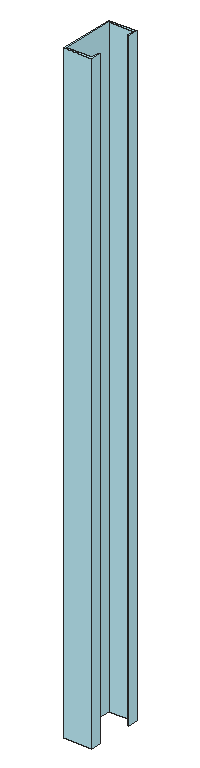
Revit family "lg90x45x15x2-3", category 機械設備, Revit 2022
Family settings
  丸型コネクタ寸法 = 直径を使用
  種別 = なし
  パーツ タイプ = 標準
  作業面ベース = いいえ
  常に垂直 = はい
  ロード時にボイドで切り取り = いいえ
  注釈の向きを維持 = いいえ
  共有 = いいえ
  部屋計算ポイント = いいえ
Parameters
  製造元 = "株式会社桐井製作所"
  既定の高さ = 0 mm
  URL = "https://www.kirii.co.jp/"
  K_長さ(mm) [instance] = 1000 mm
  K_材質 = "SSC400"
  K_外形寸法(mm) = "90×45×15×2.3"
  K_品名 = "(JIS)90×45×15×2.3"
  K_名称 = "補強材"
  K_バージョン情報 = "20210524"
  K_めっき付着量 = "Z12"
  K_JIS規格 = "JIS G 3350"
Reference planes
  plane 1 "中心(正面/背面)": y = 0
  plane 2: z = 0
  plane 3 "中心(左/右)": x = 0
  plane 4: z = 1000
  plane 5: y = 90
Forms (mm)
  Extrusion 1, solid
    sketch origin (0, 0, 0) x (1, 0, 0) y (0, 1, 0)
      loop
        line (0, 0) -> (45, 0) -> (45, 15) -> (42.7, 15) -> (42.7, 2.3) -> (2.3, 2.3) -> (2.3, 87.7) -> (42.7, 87.7) -> (42.7, 75) -> (45, 75) -> (45, 90) -> (0, 90) -> (0, 0)
    from 0 to 1000
Dimensions and locks
  "K_長さ(mm)": plane 4 to plane 2
  aligned and locked: level to plane 2
  aligned and locked: plane 4 to Extrusion 1
  aligned and locked: plane 5 to Extrusion 1  (x2)
Automatic sketch dimensions
  Extrusion 1 sketch curve to plane 3 "中心(左/右)" = 0 mm
  plane 1 "中心(正面/背面)" to Extrusion 1 sketch curve = 0 mm
  plane 3 "中心(左/右)" to Extrusion 1 sketch curve = 2.3 mm
  Extrusion 1 sketch curve to plane 1 "中心(正面/背面)" = 15 mm
  Extrusion 1 sketch curve to Extrusion 1 sketch curve = 40.4 mm  (x2)
  Extrusion 1 sketch curve to Extrusion 1 sketch curve = 2.3 mm  (x3)
  Extrusion 1 sketch curve to plane 1 "中心(正面/背面)" = 2.3 mm
  Extrusion 1 sketch curve to Extrusion 1 sketch curve = 60 mm
  Extrusion 1 sketch curve to Extrusion 1 sketch curve = 12.7 mm
